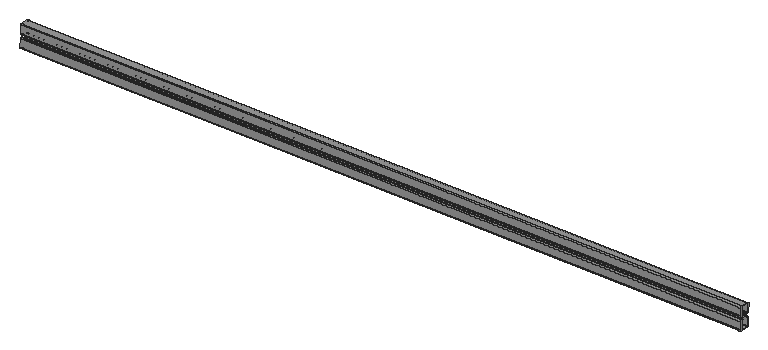
Revit family "54Z1.5x3.62 Web", category Structural Framing, Revit 2020
Family settings
  Section Shape = Not Defined
  Material for Model Behavior = Steel
  Always export as geometry = No
  OmniClass Number = 23.25.30.11.14.14
  OmniClass Title = Beams
  Always vertical = Yes
  Cut with Voids When Loaded = No
  Symbolic Representation = From Family
  Shared = No
  Show family pre-cut in plan views = Yes
Parameters
  Weight lbs per ft [instance] = 2.0954
  URL = "https://www.trussteel.com/details_files/pdf/ts010a.pdf"
  Total Member Weight lbs [instance] = Length / 1' 0" * Weight lbs per ft  # 20.954
  Structural Material = ASTM A653 SS Grade 50 Class 1 G90
  Steel Design Thickness [instance] = 0.0566
  Model = "54Z1.5x3.62"
  Manufacturer = "TrusSteel"
  Length [instance] = 10' - 0"
  Fy (ksi) [instance] = 50
  Fu (ksi) [instance] = 65
  Description = "Z Web"
  Cross Section Area (in2) [instance] = 0.6163
  Beam Width = 0' - 1 1/2"
  Beam Height = 0' - 3 5/8"
Reference planes (in)
  plane 1 "Center (Front/Back)": y = 0
  plane 2 "Center El.": z = 0
  plane 3 "Center (Left/Right)": x = 0
  plane 4 "Left": x = -60
  plane 5 "Right": x = 60
Forms (in)
  Extrusion 1, solid, material "ASTM A653 SS Grade 50 Class 1 G90"
    sketch origin (0, 0, 0) x (0, 1, 0) y (0, 0, 1)
      loop
        arc (-0.6081, 1.8125) -> (-0.70844, 1.77094) -> (-0.75, 1.6706) r 0.1419
        line (-0.75, 1.6706) -> (-0.75, 0.3919)
        arc (-0.75, 0.3919) -> (-0.7392, 0.3376) -> (-0.70844, 0.29156) r 0.1419
        line (-0.70844, 0.29156) -> (-0.42994, 0.01306)
        arc (-0.42994, 0.01306) -> (-0.3839, -0.0177) -> (-0.3296, -0.0285) r 0.1419
        line (-0.3296, -0.0285) -> (0.3296, -0.0285)
        arc (0.3296, -0.0285) -> (0.36209, -0.03496) -> (0.38963, -0.05337) r 0.0849
        line (0.38963, -0.05337) -> (0.66813, -0.33187)
        arc (0.66813, -0.33187) -> (0.68654, -0.35941) -> (0.693, -0.3919) r 0.0849
        line (0.693, -0.3919) -> (0.693, -1.6706)
        arc (0.693, -1.6706) -> (0.66813, -1.73063) -> (0.6081, -1.7555) r 0.0849
        line (0.6081, -1.7555) -> (-0.6081, -1.7555)
        arc (-0.6081, -1.7555) -> (-0.66813, -1.73063) -> (-0.693, -1.6706) r 0.0849
        line (-0.693, -1.6706) -> (-0.693, -0.3919)
        arc (-0.693, -0.3919) -> (-0.66813, -0.33187) -> (-0.6081, -0.307) r 0.0849
        line (-0.6081, -0.307) -> (-0.375, -0.307) -> (-0.375, -0.25) -> (-0.6081, -0.25)
        arc (-0.6081, -0.25) -> (-0.70844, -0.29156) -> (-0.75, -0.3919) r 0.1419
        line (-0.75, -0.3919) -> (-0.75, -1.6706)
        arc (-0.75, -1.6706) -> (-0.70844, -1.77094) -> (-0.6081, -1.8125) r 0.1419
        line (-0.6081, -1.8125) -> (0.6081, -1.8125)
        arc (0.6081, -1.8125) -> (0.70844, -1.77094) -> (0.75, -1.6706) r 0.1419
        line (0.75, -1.6706) -> (0.75, -0.3919)
        arc (0.75, -0.3919) -> (0.7392, -0.3376) -> (0.70844, -0.29156) r 0.1419
        line (0.70844, -0.29156) -> (0.42994, -0.01306)
        arc (0.42994, -0.01306) -> (0.3839, 0.0177) -> (0.3296, 0.0285) r 0.1419
        line (0.3296, 0.0285) -> (-0.3296, 0.0285)
        arc (-0.3296, 0.0285) -> (-0.36209, 0.03496) -> (-0.38963, 0.05337) r 0.0849
        line (-0.38963, 0.05337) -> (-0.66813, 0.33187)
        arc (-0.66813, 0.33187) -> (-0.68654, 0.35941) -> (-0.693, 0.3919) r 0.0849
        line (-0.693, 0.3919) -> (-0.693, 1.6706)
        arc (-0.693, 1.6706) -> (-0.66813, 1.73063) -> (-0.6081, 1.7555) r 0.0849
        line (-0.6081, 1.7555) -> (0.6081, 1.7555)
        arc (0.6081, 1.7555) -> (0.66813, 1.73063) -> (0.693, 1.6706) r 0.0849
        line (0.693, 1.6706) -> (0.693, 0.3919)
        arc (0.693, 0.3919) -> (0.66813, 0.33187) -> (0.6081, 0.307) r 0.0849
        line (0.6081, 0.307) -> (0.375, 0.307) -> (0.375, 0.25) -> (0.6081, 0.25)
        arc (0.6081, 0.25) -> (0.70844, 0.29156) -> (0.75, 0.3919) r 0.1419
        line (0.75, 0.3919) -> (0.75, 1.6706)
        arc (0.75, 1.6706) -> (0.70844, 1.77094) -> (0.6081, 1.8125) r 0.1419
        line (0.6081, 1.8125) -> (-0.6081, 1.8125)
    from -60 to 60
Dimensions and locks (in)
  equal spacing: plane 4 "Left", plane 3 "Center (Left/Right)", plane 5 "Right"
  "Length": plane 4 "Left" to plane 5 "Right"
  "Beam Width": Extrusion 1 to Extrusion 1
  "Beam Height": Extrusion 1 to Extrusion 1
  aligned and locked: level to plane 2 "Center El."
  aligned and locked: plane 4 "Left" to Extrusion 1
  aligned and locked: Extrusion 1 to plane 5 "Right"
Automatic sketch dimensions
  Extrusion 1 sketch curve to Extrusion 1 sketch curve = 0' - 0"  (x20)
  plane 1 "Center (Front/Back)" to Extrusion 1 sketch curve = 0' - 0 3/4"  (x2)
  level to Extrusion 1 sketch curve = 0' - 0.29156"
  Extrusion 1 sketch curve to Extrusion 1 sketch curve = 0' - 0.04156"
  Extrusion 1 sketch curve to Extrusion 1 sketch curve = 0' - 0.057"  (x2)
  level to Extrusion 1 sketch curve = 0' - 0.33187"
  Extrusion 1 sketch curve to Extrusion 1 sketch curve = 0' - 0.0849"  (x5)
  Extrusion 1 sketch curve to Extrusion 1 sketch curve = 0' - 0.06003"  (x4)
  level to Extrusion 1 sketch curve = 0' - 0.01306"
  Extrusion 1 sketch curve to Extrusion 1 sketch curve = 0' - 0.17816"
  level to Extrusion 1 sketch curve = 0' - 0.05337"
  Extrusion 1 sketch curve to Extrusion 1 sketch curve = 0' - 0.04031"
  Extrusion 1 sketch curve to Extrusion 1 sketch curve = 0' - 0.2331"  (x2)
  level to Extrusion 1 sketch curve = 0' - 0.0285"
  Extrusion 1 sketch curve to plane 1 "Center (Front/Back)" = 0' - 0.3296"
  Extrusion 1 sketch curve to Extrusion 1 sketch curve = 0' - 0.0454"
  Extrusion 1 sketch curve to level = 0' - 0.05337"
  Extrusion 1 sketch curve to level = 0' - 0.01306"
  Extrusion 1 sketch curve to plane 1 "Center (Front/Back)" = 0' - 0.6081"  (x2)
  Extrusion 1 sketch curve to Extrusion 1 sketch curve = 0' - 0.2785"
  Extrusion 1 sketch curve to level = 0' - 0.33187"
  Extrusion 1 sketch curve to level = 0' - 0.29156"
  Extrusion 1 sketch curve to Extrusion 1 sketch curve = 0' - 1.2787"  (x2)
  Extrusion 1 sketch curve to level = 0' - 0.3919"
  Extrusion 1 sketch curve to Extrusion 1 sketch curve = 0' - 0.2215"
